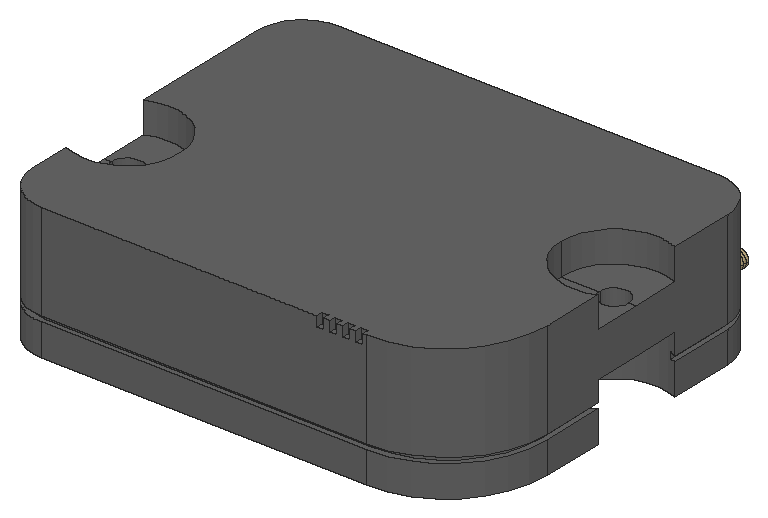
Revit family "WIR-MOD-GPRS", category Communication Devices, host Face, Revit 2014
Parameters
  Yellow = Paint - Hubbell _Gold
  Warranty = "5-Years Warranty"  # constant formula
  Type Comments = "WIR-MOD-GPRS"  # constant formula
  Red = Paint - Hubbell - Red
  Product Page URL = "https://www.hubbell.com/hubbellcontrolsolutions/en/Products/Lighting-Controls/Lighting-Controls-Sensors/wiSCAPE-Lighting-Controls/wiSCAPE-Wireless-Gateway-Cellular-Modem/p/220979"
  Product Documentation Link = "https://hubbellcdn.com/specsheet/4506_wiSCAPE_Cellular_Modem_Cutsheet.pdf"
  URL = "https://www.hubbell.com/hubbellcontrolsolutions/en"
  Model = "WIR-MOD-GPRS"  # constant formula
  Manufacturer = "Hubbell Control Solutions"  # constant formula
  Green = Plastic, Gray
  Feartures = "4G LTE performance at 2G power consumption (less than 1W in\r\nidle mode)\r\n• Single version for all major North American network operators\r\n• Fully automatic network operator switching: just insert SIM*\r\n• Remote management and configuration\r\n• Meets industrial-grade certifications including Class 1 Div 2,\r\nMIL-STD-810G, IP64 ingress protection\r\n• Five-year limited warranty"  # constant formula
  Description = "The wiSCAPE® Gateway Cellular Modem is a secure Ethernet modem ideal for customers requiring 24/7 broadband connectivity. With simple installation and configuration requirements, the Gateway Cellular Modem is designed to handle robust, fixed applications requiring broadband communication speeds and bandwidth."  # constant formula
  Default Elevation = 48.000"
  Copyright = "Copyright © 2021 Hubbell Control Solutions"  # constant formula
  Contact Us = "https://www.hubbell.com/hubbellcontrolsolutions/en/contactUs"
  Housing Material = Paint - Hubbell - Carbon Black
  Certifications = "Safety: IECEE Certification Bodies Scheme (CB Scheme), UL 60950\r\nVehicle Usage: E-Mark (UN ECE Regulation 10.04), ISO7637-2, SAE J1455 (Shock & Vibration)\r\nHazardous Environments: Class 1 Div 2\r\nEnvironmental: RoHS, REACH, WEEE"
  Assembly Code = "D5090"
Reference planes (in)
  plane 1 "Center (Front/Back)": y = 11.68155
  plane 2: z = 0
  plane 3 "Center (Left/Right)": x = 0
  plane 4: z = 1.34
  plane 5: x = -2.35
  plane 6: x = 2.35
  plane 7: y = 13.53155
  plane 8: y = 9.83155
Forms (in)
  Extrusion 1, solid, material "Paint - Hubbell - Carbon Black" <- "Housing Material"
    sketch origin (0, 0, 0) x (1, 0, 0) y (0, 1, 0)
      loop
        arc (-1.9, 13.53155) -> (-2.2182, 13.39975) -> (-2.35, 13.08155) r 0.45
        line (-2.35, 13.08155) -> (-2.35, 10.28155)
        arc (-2.35, 10.28155) -> (-2.2182, 9.96336) -> (-1.9, 9.83155) r 0.45
        line (-1.9, 9.83155) -> (1.35, 9.83155)
        arc (1.35, 9.83155) -> (2.05711, 10.12445) -> (2.35, 10.83155) r 1
        line (2.35, 10.83155) -> (2.35, 13.08155)
        arc (2.35, 13.08155) -> (2.2182, 13.39975) -> (1.9, 13.53155) r 0.45
        line (1.9, 13.53155) -> (-1.9, 13.53155)
    from 0 to 1.34
  Revolve 2, void
    sketch origin (-0.20312, 11.18155, -0.00014) x (-1, 0, 0) y (0, 0, 1)
      loop
        line (1.92662, 1.59) -> (1.92662, 0) -> (2.45787, 0) -> (2.45787, 0.5825) -> (2.07358, 0.5825) -> (2.07358, 1.02786) -> (2.45787, 1.02786) -> (2.45787, 1.59) -> (1.92662, 1.59)
      axis (1.92662, 1.59) -> (1.92662, 0)
    angle from 0 to 360
  Revolve 3, void
    sketch origin (0.20312, 11.94282, -0.00014) x (1, 0, 0) y (0, 0, 1)
      loop
        line (1.92662, 1.59) -> (1.92662, 0) -> (2.45787, 0) -> (2.45787, 0.5825) -> (2.07358, 0.5825) -> (2.07358, 1.02786) -> (2.45787, 1.02786) -> (2.45787, 1.59) -> (1.92662, 1.59)
      axis (1.92662, 1.59) -> (1.92662, 0)
    angle from 0 to 360
  Sweep 4, void
    path origin (0, 0, 0) x (1, 0, 0) y (0, 1, 0)
      loop
        line (1.9, 13.53155) -> (-1.9, 13.53155)
        arc (-1.9, 13.53155) -> (-2.2182, 13.39975) -> (-2.35, 13.08155) r 0.45
        line (-2.35, 13.08155) -> (-2.35, 10.28155)
        arc (-2.35, 10.28155) -> (-2.2182, 9.96336) -> (-1.9, 9.83155) r 0.45
        line (-1.9, 9.83155) -> (1.35, 9.83155)
        arc (1.35, 9.83155) -> (2.05711, 10.12445) -> (2.35, 10.83155) r 1
        line (2.35, 10.83155) -> (2.35, 13.08155)
        arc (2.35, 13.08155) -> (2.2182, 13.39975) -> (1.9, 13.53155) r 0.45
    profile origin (0, 13.53155, 0) x (0, -1, 0) y (0, 0, 1)
      loop
        line (0, 0.31477) -> (0.0592, 0.31477) -> (0.0592, 0.37088) -> (0, 0.37088) -> (0, 0.31477)
  Extrusion 5, void
    sketch origin (0, 0, 0) x (1, 0, 0) y (0, 1, 0)
      loop
        line (1.30457, 9.83155) -> (1.30457, 9.89133) -> (1.23616, 9.89133) -> (1.23616, 9.83155) -> (1.30457, 9.83155)
      loop
        line (1.17492, 9.83155) -> (1.17492, 9.89133) -> (1.10651, 9.89133) -> (1.10651, 9.83155) -> (1.17492, 9.83155)
      loop
        line (1.04528, 9.83155) -> (1.04528, 9.89133) -> (0.97686, 9.89133) -> (0.97686, 9.83155) -> (1.04528, 9.83155)
      loop
        line (0.91563, 9.83155) -> (0.91563, 9.89133) -> (0.84722, 9.89133) -> (0.84722, 9.83155) -> (0.91563, 9.83155)
    from 1.2387 to 1.34
  Revolve 6, solid, material "Paint - Hubbell _Gold" <- "Yellow"
    sketch origin (3.6875, 0, 0.56055) x (1, 0, 0) y (0, 1, 0)
      loop
        line (-1.7067, 13.53155) -> (-1.61056, 13.53155) -> (-1.63025, 13.57068)
        arc (-1.63025, 13.57068) -> (-1.62031, 13.58746) -> (-1.6314, 13.6035) r 0.01808
        arc (-1.6314, 13.6035) -> (-1.6203, 13.62018) -> (-1.6314, 13.63686) r 0.01808
        arc (-1.6314, 13.63686) -> (-1.6203, 13.65353) -> (-1.6314, 13.67021) r 0.01808
        arc (-1.6314, 13.67021) -> (-1.6203, 13.68688) -> (-1.6314, 13.70356) r 0.01808
        line (-1.6314, 13.70356) -> (-1.7067, 13.70356) -> (-1.7067, 13.53155)
      axis (-1.7067, 13.70356) -> (-1.7067, 13.53155)
    angle from 0 to 360
  Revolve 7, solid, material "Paint - Hubbell _Gold" <- "Yellow"
    sketch origin (-0.17187, 0, 1.02085) x (1, 0, 0) y (0, 1, 0)
      loop
        line (-1.7067, 13.53155) -> (-1.61056, 13.53155) -> (-1.63025, 13.57068)
        arc (-1.63025, 13.57068) -> (-1.62031, 13.58746) -> (-1.6314, 13.6035) r 0.01808
        arc (-1.6314, 13.6035) -> (-1.6203, 13.62018) -> (-1.6314, 13.63686) r 0.01808
        arc (-1.6314, 13.63686) -> (-1.6203, 13.65353) -> (-1.6314, 13.67021) r 0.01808
        arc (-1.6314, 13.67021) -> (-1.6203, 13.68688) -> (-1.6314, 13.70356) r 0.01808
        line (-1.6314, 13.70356) -> (-1.7067, 13.70356) -> (-1.7067, 13.53155)
      axis (-1.7067, 13.70356) -> (-1.7067, 13.53155)
    angle from 0 to 360
  Revolve 8, solid, material "Paint - Hubbell _Gold" <- "Yellow"
    sketch origin (0, 0, 1.04429) x (-1, 0, 0) y (0, -1, 0)
      loop
        line (-1.7067, -13.53155) -> (-1.7067, -13.70356) -> (-1.6314, -13.70356)
        arc (-1.6314, -13.70356) -> (-1.6203, -13.68688) -> (-1.6314, -13.67021) r 0.01808
        arc (-1.6314, -13.67021) -> (-1.6203, -13.65353) -> (-1.6314, -13.63686) r 0.01808
        arc (-1.6314, -13.63686) -> (-1.6203, -13.62018) -> (-1.6314, -13.6035) r 0.01808
        arc (-1.6314, -13.6035) -> (-1.62031, -13.58746) -> (-1.63025, -13.57068) r 0.01808
        line (-1.63025, -13.57068) -> (-1.61056, -13.53155) -> (-1.7067, -13.53155)
      axis (-1.7067, -13.70356) -> (-1.7067, -13.53155)
    angle from 0 to 360
  Extrusion 9, void
    sketch origin (0, 11.68155, 0) x (1, 0, 0) y (0, 0, 1)
      loop
        line (0.29006, 0.96449) -> (-0.26493, 0.96449) -> (-0.26493, 0.5808) -> (0.29006, 0.5808) -> (0.29006, 0.96449)
    from -1.88912 to -1.49975
  Extrusion 10, void
    sketch origin (0.75, 11.68155, 0) x (1, 0, 0) y (0, 0, 1)
      loop
        line (0.1717, 0.96449) -> (-0.00876, 0.96449) -> (-0.00876, 0.84525) -> (-0.07244, 0.84525) -> (-0.07244, 0.5808) -> (0.22756, 0.5808) -> (0.22756, 0.84525) -> (0.1717, 0.84525) -> (0.1717, 0.96449)
    from -1.88912 to -1.49975
  Extrusion 11, solid, material "Paint - Hubbell - Carbon Black" <- "Housing Material"
    sketch origin (0, 11.68155, 0) x (1, 0, 0) y (0, 0, 1)
      loop
        line (0.95756, 0.82525) -> (0.69756, 0.82525) -> (0.69756, 0.6008) -> (0.95756, 0.6008) -> (0.95756, 0.82525)
      loop
        line (0.94756, 0.81525) -> (0.83256, 0.81525) -> (0.83256, 0.71802) -> (0.94756, 0.71802) -> (0.94756, 0.81525)
      loop
        line (0.94756, 0.6108) -> (0.94756, 0.70802) -> (0.83256, 0.70802) -> (0.83256, 0.6108) -> (0.94756, 0.6108)
      loop
        line (0.70756, 0.6108) -> (0.82256, 0.6108) -> (0.82256, 0.70802) -> (0.70756, 0.70802) -> (0.70756, 0.6108)
      loop
        line (0.70756, 0.81525) -> (0.70756, 0.71802) -> (0.82256, 0.71802) -> (0.82256, 0.81525) -> (0.70756, 0.81525)
    from -1.85 to -1.49975
  Extrusion 12, solid, material "Paint - Hubbell - Carbon Black" <- "Housing Material"
    sketch origin (-0.81586, 11.68155, 0.04276) x (1, 0, 0) y (0, 0, 1)
      loop
        line (1.09592, 0.91173) -> (0.56094, 0.91173) -> (0.56094, 0.54804) -> (1.09592, 0.54804) -> (1.09592, 0.91173)
      loop
        line (1.08421, 0.55804) -> (1.08421, 0.7763) -> (0.94881, 0.7763) -> (0.94881, 0.83164) -> (0.88623, 0.83164) -> (0.88623, 0.86952) -> (0.81977, 0.86952) -> (0.75719, 0.86952) -> (0.75719, 0.83164) -> (0.69461, 0.83164) -> (0.69461, 0.7763) -> (0.57094, 0.7763) -> (0.57094, 0.55804) -> (1.08421, 0.55804)
    from -1.85 to -1.49975
  Extrusion 13, void
    sketch origin (-1, 11.68155, 0) x (1, 0, 0) y (0, 0, 1)
      loop
        line (0.23231, 0.90199) -> (-0.20718, 0.90199)
        arc (-0.20718, 0.90199) -> (-0.24138, 0.89077) -> (-0.2623, 0.86147) r 0.05775
        arc (-0.2623, 0.86147) -> (-0.27895, 0.83814) -> (-0.30618, 0.82921) r 0.04598
        line (-0.30618, 0.82921) -> (-0.41493, 0.82921)
        arc (-0.41493, 0.82921) -> (-0.45873, 0.74152) -> (-0.41493, 0.65383) r 0.10968
        line (-0.41493, 0.65383) -> (-0.30618, 0.65383)
        arc (-0.30618, 0.65383) -> (-0.27895, 0.6449) -> (-0.2623, 0.62157) r 0.04598
        arc (-0.2623, 0.62157) -> (-0.24138, 0.59227) -> (-0.20718, 0.58105) r 0.05775
        line (-0.20718, 0.58105) -> (0.23206, 0.5808)
        arc (0.23206, 0.5808) -> (0.26652, 0.59227) -> (0.28743, 0.62157) r 0.05775
        arc (0.28743, 0.62157) -> (0.30408, 0.6449) -> (0.33132, 0.65383) r 0.04598
        line (0.33132, 0.65383) -> (0.44006, 0.65383)
        arc (0.44006, 0.65383) -> (0.48386, 0.74152) -> (0.44006, 0.82921) r 0.10968
        line (0.44006, 0.82921) -> (0.33132, 0.82921)
        arc (0.33132, 0.82921) -> (0.30408, 0.83814) -> (0.28743, 0.86147) r 0.04598
        arc (0.28743, 0.86147) -> (0.26652, 0.89077) -> (0.23231, 0.90199) r 0.05775
    from -1.88912 to -1.69961
  Extrusion 14, solid, material "Paint - Hubbell - Carbon Black" <- "Housing Material"
    sketch origin (-1.81586, 11.68155, 0.04276) x (1, 0, 0) y (0, 0, 1)
      loop
        line (1.02242, 0.81969) -> (0.63084, 0.81969)
        arc (0.63084, 0.81969) -> (0.58695, 0.80061) -> (0.57098, 0.7555) r 0.06
        line (0.57098, 0.7555) -> (0.58007, 0.6255)
        arc (0.58007, 0.6255) -> (0.59901, 0.58581) -> (0.63993, 0.56969) r 0.06
        line (0.63993, 0.56969) -> (1.01333, 0.56969)
        arc (1.01333, 0.56969) -> (1.05425, 0.58581) -> (1.07318, 0.6255) r 0.06
        line (1.07318, 0.6255) -> (1.08227, 0.7555)
        arc (1.08227, 0.7555) -> (1.0663, 0.80061) -> (1.02242, 0.81969) r 0.06
      loop
        circle (0.9975, 0.75815) r 0.031
      loop
        circle (0.90565, 0.75815) r 0.031
      loop
        circle (0.82325, 0.75815) r 0.031
      loop
        circle (0.73861, 0.75815) r 0.031
      loop
        circle (0.65287, 0.75815) r 0.031
      loop
        circle (0.95828, 0.64529) r 0.031
      loop
        circle (0.87587, 0.64529) r 0.031
      loop
        circle (0.79124, 0.64529) r 0.031
      loop
        circle (0.70549, 0.64529) r 0.031
    from -1.85 to -1.69961
  Extrusion 15, void
    sketch origin (-1.85645, 11.68155, -0.19841) x (1, 0, 0) y (0, 0, 1)
      loop
        line (0.15419, 0.79262) -> (-0.1603, 0.79262)
        arc (-0.1603, 0.79262) -> (-0.19451, 0.7814) -> (-0.21542, 0.7521) r 0.05775
        line (-0.21542, 0.7521) -> (-0.21542, 0.62157)
        arc (-0.21542, 0.62157) -> (-0.19451, 0.59227) -> (-0.1603, 0.58105) r 0.05775
        line (-0.1603, 0.58105) -> (0.15419, 0.5808)
        arc (0.15419, 0.5808) -> (0.18839, 0.59227) -> (0.2093, 0.62157) r 0.05775
        line (0.2093, 0.62157) -> (0.2093, 0.7521)
        arc (0.2093, 0.7521) -> (0.18839, 0.7814) -> (0.15419, 0.79262) r 0.05775
    from -1.88912 to -1.69961
  Extrusion 16, void
    sketch origin (0, 11.68155, 0) x (1, 0, 0) y (0, 0, 1)
      loop
        arc (-1.68386, 0.51025) -> (-1.69593, 0.52472) -> (-1.71398, 0.53014) r 0.03275
        line (-1.71398, 0.53014) -> (-2.00503, 0.53014)
        arc (-2.00503, 0.53014) -> (-2.02308, 0.52472) -> (-2.03515, 0.51025) r 0.03275
        line (-2.03515, 0.51025) -> (-2.03515, 0.47049)
        arc (-2.03515, 0.47049) -> (-2.02308, 0.45603) -> (-2.00503, 0.45035) r 0.03275
        line (-2.00503, 0.45035) -> (-1.71398, 0.4506)
        arc (-1.71398, 0.4506) -> (-1.69593, 0.45603) -> (-1.68386, 0.47049) r 0.03275
        line (-1.68386, 0.47049) -> (-1.68386, 0.51025)
    from -1.7908 to -1.63951
  Extrusion 17, solid, material "Paint - Hubbell _Gold" <- "Yellow"
    sketch origin (0, 11.68155, 0) x (1, 0, 0) y (0, 0, 1)
      loop
        line (-1.35482, 0.8069) -> (-1.41413, 0.77266) -> (-1.41413, 0.70417) -> (-1.35482, 0.66993) -> (-1.29551, 0.70417) -> (-1.29551, 0.77266) -> (-1.35482, 0.8069)
      loop
        circle (-1.35593, 0.73746) r 0.0326
      loop
        line (-0.61979, 0.8069) -> (-0.6791, 0.77266) -> (-0.6791, 0.70417) -> (-0.61979, 0.66993) -> (-0.56048, 0.70417) -> (-0.56048, 0.77266) -> (-0.61979, 0.8069)
      loop
        circle (-0.61868, 0.73746) r 0.0326
    from -1.85 to -1.69961
Cuts and joins
  Revolve 2, Revolve 3, Sweep 4, Extrusion 5, Extrusion 9, Extrusion 10, Extrusion 13, Extrusion 15, Extrusion 16 cuts Extrusion 1
  Extrusion 13 cuts Extrusion 12
  Extrusion 15 cuts Extrusion 14
Dimensions and locks (in)
  plane 4 to plane 2 = 1.340"
  aligned and locked: plane 2 to host face
  aligned and locked: level to host face
Connectors (in)
  electrical at (-0.03929, 11.66968, 0)
    settings: on cut or joined group of Extrusion 1, Revolve 2, Revolve 3, Sweep 4, Extrusion 5, Extrusion 9, Extrusion 10, Extrusion 13, Extrusion 15, Extrusion 16, index 1, voltage 0 V, apparent load 0 VA, apparent load phase1 0 VA, apparent load phase2 0 VA, apparent load phase3 0 VA, power factor 1, load classification "Other", number of poles 1, system type 13, power factor state 1, is connector primary yes, connector utility no, sub classification motor no, connector description "GPRS Cell Modem"
